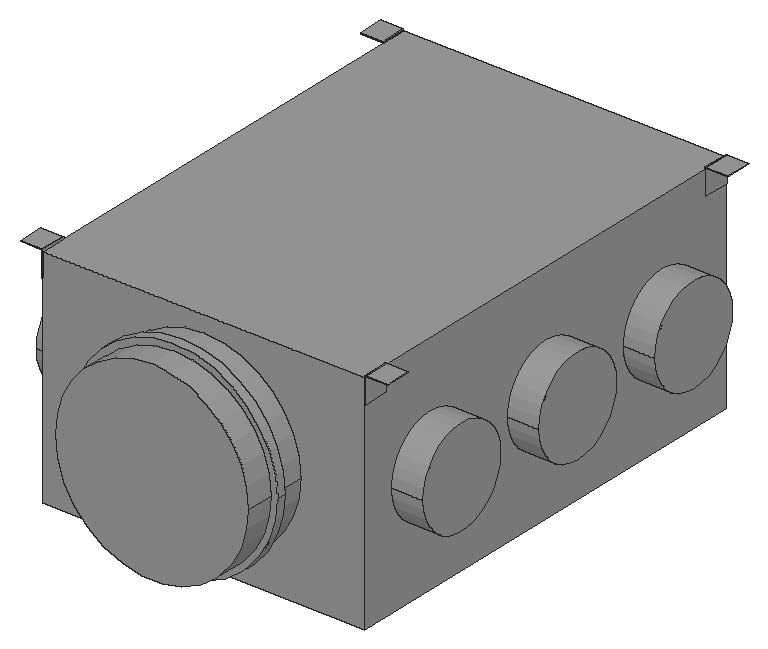
Revit family "FASU(F8-150 300Φ)", category ダクト付属品, Revit 2021
Family settings
  丸型コネクタ寸法 = 直径を使用
  パーツ タイプ = ダンパー
  OmniClass 番号 = 23.75.00.00
  OmniClass タイトル = Climate Control (HVAC)
  作業面ベース = いいえ
  常に垂直 = はい
  ロード時にボイドで切り取り = いいえ
  共有 = いいえ
Parameters
  高さ = 350 mm
  風量 = 0.0 L/s
  符号 = "FASU"
  形式 = "F8-150 300φ"
  幅 [instance] = 500 mm
  奥行き = 700 mm
  大きさ = 250 mm
  呼称 = "FASUチャンバー"
  付属品_下端レベル [instance] = 0 mm
  マテリアル [instance] = 既定値
  ダクト_イン = 300 mm
  ダクト_アウト = 150 mm
  既定の高さ = 0 mm
Reference planes
  plane 1 "中心(正面/背面)": y = 0
  plane 2: z = 0
  plane 3 "中心(左/右)": x = 0
  plane 4: x = -250
  plane 5: x = 250
  plane 6: y = -700
  plane 7: z = 350
  plane 8: z = 175
  plane 9: z = 266.963
  plane 10: z = 86.159
  plane 11: x = -251
  plane 12: z = 313.122
  plane 13: z = 352.122
  plane 14: y = -350
Forms (mm)
  Extrusion 1, solid, material "既定値" <- "マテリアル"
    sketch origin (0, 0, 0) x (1, 0, 0) y (0, 1, 0)
      loop
        line (-250, 0) -> (-250, -700) -> (250, -700) -> (250, 0) -> (-250, 0)
    from 0 to 350
  Extrusion 2, solid, material "既定値" <- "マテリアル"
    sketch origin (0, -30, 0) x (1, 0, 0) y (0, 1, 0)
      loop
        line (-250, 30) -> (-251, 30) -> (-251, -10) -> (-250, -10) -> (-250, 30)
    from 313.122 to 350
  Extrusion 3, solid, material "既定値" <- "マテリアル"
    sketch origin (0, -30, 0) x (1, 0, 0) y (0, 1, 0)
      loop
        line (-285, 30) -> (-285, -10) -> (-251, -10) -> (-251, 30) -> (-285, 30)
    from 352.122 to 350
  Extrusion 4, solid, material "既定値" <- "マテリアル"
    sketch origin (0, -30, 0) x (-1, 0, 0) y (0, -1, 0)
      loop
        line (-250, -30) -> (-250, 10) -> (-251, 10) -> (-251, -30) -> (-250, -30)
    from 313.122 to 353.122
  Extrusion 5, solid, material "既定値" <- "マテリアル"
    sketch origin (0, -30, 0) x (-1, 0, 0) y (0, -1, 0)
      loop
        line (-285, -30) -> (-251, -30) -> (-251, 10) -> (-285, 10) -> (-285, -30)
    from 352.122 to 353.122
  Extrusion 6, solid, material "既定値" <- "マテリアル"
    sketch origin (0, -490, 0) x (1, 0, 0) y (0, 1, 0)
      loop
        line (-285, -170) -> (-285, -210) -> (-251, -210) -> (-251, -170) -> (-285, -170)
    from 352.122 to 353.122
  Extrusion 7, solid, material "既定値" <- "マテリアル"
    sketch origin (0, -490, 0) x (1, 0, 0) y (0, 1, 0)
      loop
        line (-250, -170) -> (-251, -170) -> (-251, -210) -> (-250, -210) -> (-250, -170)
    from 313.122 to 353.122
  Extrusion 8, solid, material "既定値" <- "マテリアル"
    sketch origin (0, -490, 0) x (-1, 0, 0) y (0, -1, 0)
      loop
        line (-285, 170) -> (-251, 170) -> (-251, 210) -> (-285, 210) -> (-285, 170)
    from 352.122 to 353.122
  Extrusion 9, solid, material "既定値" <- "マテリアル"
    sketch origin (0, -490, 0) x (-1, 0, 0) y (0, -1, 0)
      loop
        line (-250, 170) -> (-250, 210) -> (-251, 210) -> (-251, 170) -> (-250, 170)
    from 313.122 to 353.122
  Extrusion 10, solid, material "既定値" <- "マテリアル"
    sketch origin (550, -582.5, 0) x (0, -1, 0) y (0, 0, -1)
      loop
        circle (-232.5, -175) r 74.985
    from -300 to -250
  Extrusion 11, solid, material "既定値" <- "マテリアル"
    sketch origin (-550, -582.5, 0) x (0, -1, 0) y (0, 0, 1)
      loop
        circle (-232.5, 175) r 74.985
    from -300 to -250
  Extrusion 12, solid, material "既定値" <- "マテリアル"
    sketch origin (0, -700, 0) x (1, 0, 0) y (0, 0, 1)
      loop
        circle (0, 175) r 150
    from 0 to 42.5
  Extrusion 13, solid, material "既定値" <- "マテリアル"
    sketch origin (0, -743, 0) x (1, 0, 0) y (0, 0, 1)
      loop
        circle (0, 175) r 160
    from -0.5 to 14.5
  Extrusion 14, solid, material "既定値" <- "マテリアル"
    sketch origin (0, -757.5, 0) x (1, 0, 0) y (0, 0, 1)
      loop
        circle (0, 175) r 150
    from 0 to 42.5
  Extrusion 15, solid, material "既定値" <- "マテリアル"
    sketch origin (550, -357.5, 0) x (0, -1, 0) y (0, 0, -1)
      loop
        circle (-232.5, -175) r 74.985
    from -300 to -250
  Extrusion 16, solid, material "既定値" <- "マテリアル"
    sketch origin (-550, -357.5, 0) x (0, -1, 0) y (0, 0, 1)
      loop
        circle (-232.5, 175) r 74.985
    from -300 to -250
  Extrusion 17, solid, material "既定値" <- "マテリアル"
    sketch origin (550, -142.5, 0) x (0, 1, 0) y (0, 0, 1)
      loop
        circle (-432.5, 175) r 74.985
    from -300 to -250
  Extrusion 18, solid, material "既定値" <- "マテリアル"
    sketch origin (0, -142.5, 0) x (0, 1, 0) y (0, 0, 1)
      loop
        circle (-432.5, 175) r 74.985
    from -300 to -250
  Extrusion 19, solid, material "既定値" <- "マテリアル"
    sketch origin (345.5, 300, 0) x (1, 0, 0) y (0, 0, -1)
      loop
        circle (-232.5, -175) r 74.985
    from -300 to -250
  Extrusion 20, solid, material "既定値" <- "マテリアル"
    sketch origin (-345.5, 300, 0) x (-1, 0, 0) y (0, 0, 1)
      loop
        circle (-232.5, 175) r 74.985
    from -300 to -250
Lines and regions (mm)
  model lines
    curve 1: line (-250, -30, 0) -> (250, -30, 0)
    curve 2: line (-250, -670, 0) -> (250, -670, 0)
Text (mm)
  text "FASU(F8-150 300Φ)" at (3.713, -630.412, 0), in view "参照レベル"
Dimensions and locks
  equal spacing: plane 4, plane 3 "中心(左/右)", plane 5
  "幅": plane 4 to plane 5
  "奥行き": plane 6 to plane 1 "中心(正面/背面)"
  "高さ": plane 7 to level
  equal spacing: plane 7, plane 8, level
  equal spacing: plane 6, plane 14, plane 1 "中心(正面/背面)"
  aligned and locked: level to plane 2
  aligned and locked: Extrusion 1 sketch curve to plane 5
  aligned and locked: plane 7 to Extrusion 1
  aligned and locked: Extrusion 2 sketch curve to Extrusion 1
  aligned and locked: plane 7 to Extrusion 2
  aligned and locked: Extrusion 3 sketch curve to Extrusion 2
  aligned and locked: Extrusion 2 to Extrusion 3 sketch curve
  aligned and locked: plane 7 to Extrusion 3
  aligned and locked: Extrusion 3 to plane 13
  aligned and locked: Extrusion 4 to Extrusion 5 sketch curve
  aligned and locked: Extrusion 5 sketch curve to Extrusion 4
  aligned and locked: Extrusion 1 to Extrusion 8
  aligned and locked: Extrusion 6 to Extrusion 1
  aligned and locked: Extrusion 7 to Extrusion 1
  aligned and locked: Extrusion 1 to Extrusion 9
  aligned and locked: Extrusion 9 to Extrusion 8
  aligned and locked: Extrusion 7 to Extrusion 6
  aligned and locked: plane 4 to Extrusion 7
  aligned and locked: Extrusion 9 to plane 5
  aligned and locked: plane 4 to curve 1
  aligned and locked: plane 5 to curve 1
  aligned and locked: plane 5 to curve 2
  aligned and locked: Extrusion 1 to Extrusion 3
  aligned and locked: Extrusion 5 to Extrusion 1
  aligned and locked: Extrusion 4 to plane 5
  aligned and locked: Extrusion 1 to plane 6
  aligned and locked: Extrusion 1 to plane 1 "中心(正面/背面)"
  aligned and locked: plane 6 to Extrusion 12
  aligned and locked: Extrusion 15 to plane 5
  aligned and locked: plane 4 to Extrusion 16
  aligned and locked: Extrusion 17 to plane 5
  aligned and locked: plane 4 to Extrusion 18
  aligned and locked: plane 1 "中心(正面/背面)" to Extrusion 19
  aligned and locked: plane 1 "中心(正面/背面)" to Extrusion 20
Automatic sketch dimensions
  curve 2 to plane 4 = 0 mm
  plane 6 to curve 2 = 30 mm
  plane 1 "中心(正面/背面)" to curve 1 = 30 mm
  Extrusion 1 sketch curve to plane 4 = 0 mm
  Extrusion 1 sketch curve to plane 6 = 0 mm
  plane 1 "中心(正面/背面)" to Extrusion 1 sketch curve = 0 mm
  plane 1 "中心(正面/背面)" to Extrusion 2 sketch curve = 0 mm
  Extrusion 2 sketch curve to plane 11 = 0 mm
  Extrusion 2 sketch curve to Extrusion 2 sketch curve = 40 mm
  plane 1 "中心(正面/背面)" to Extrusion 3 sketch curve = 0 mm
  Extrusion 3 sketch curve to Extrusion 3 sketch curve = 34 mm
  plane 1 "中心(正面/背面)" to Extrusion 4 sketch curve = 0 mm
  Extrusion 4 sketch curve to plane 5 = 0 mm
  Extrusion 4 sketch curve to Extrusion 4 sketch curve = 1 mm
  Extrusion 4 sketch curve to Extrusion 4 sketch curve = 40 mm
  plane 1 "中心(正面/背面)" to Extrusion 5 sketch curve = 0 mm
  Extrusion 5 sketch curve to Extrusion 5 sketch curve = 34 mm
  Extrusion 6 sketch curve to plane 6 = 0 mm
  Extrusion 6 sketch curve to plane 11 = 0 mm
  Extrusion 6 sketch curve to plane 11 = 34 mm
  plane 6 to Extrusion 6 sketch curve = 40 mm
  Extrusion 7 sketch curve to plane 11 = 0 mm
  Extrusion 7 sketch curve to plane 4 = 0 mm
  Extrusion 7 sketch curve to plane 6 = 0 mm
  plane 6 to Extrusion 7 sketch curve = 40 mm
  Extrusion 8 sketch curve to plane 6 = 0 mm
  Extrusion 8 sketch curve to plane 5 = 35 mm
  Extrusion 8 sketch curve to plane 5 = 1 mm
  Extrusion 8 sketch curve to Extrusion 8 sketch curve = 40 mm
  Extrusion 9 sketch curve to plane 6 = 0 mm
  Extrusion 9 sketch curve to plane 5 = 0 mm
  Extrusion 9 sketch curve to Extrusion 9 sketch curve = 1 mm
  Extrusion 9 sketch curve to Extrusion 9 sketch curve = 40 mm
  Extrusion 10 sketch curve to plane 8 = 0 mm
  Extrusion 10 sketch curve to plane 14 = 0 mm
  Extrusion 11 sketch curve to plane 8 = 0 mm
  Extrusion 11 sketch curve to plane 14 = 0 mm
  Extrusion 12 sketch curve to plane 3 "中心(左/右)" = 0 mm
  Extrusion 12 sketch curve to plane 8 = 0 mm
  Extrusion 13 sketch curve to plane 3 "中心(左/右)" = 0 mm
  Extrusion 13 sketch curve to plane 8 = 0 mm
  Extrusion 14 sketch curve to plane 3 "中心(左/右)" = 0 mm
  Extrusion 14 sketch curve to plane 8 = 0 mm
  Extrusion 15 sketch curve to plane 8 = 0 mm
  plane 1 "中心(正面/背面)" to Extrusion 15 sketch curve = 125 mm
  Extrusion 16 sketch curve to plane 8 = 0 mm
  plane 1 "中心(正面/背面)" to Extrusion 16 sketch curve = 125 mm
  Extrusion 17 sketch curve to plane 8 = 0 mm
  plane 6 to Extrusion 17 sketch curve = 125 mm
  Extrusion 18 sketch curve to plane 8 = 0 mm
  plane 6 to Extrusion 18 sketch curve = 125 mm
  Extrusion 19 sketch curve to plane 8 = 0 mm
  plane 3 "中心(左/右)" to Extrusion 19 sketch curve = 113 mm
  Extrusion 20 sketch curve to plane 8 = 0 mm
  Extrusion 20 sketch curve to plane 3 "中心(左/右)" = 113 mm
  radius of Extrusion 10 sketch curve = 74.985 mm
  radius of Extrusion 11 sketch curve = 74.985 mm
  radius of Extrusion 12 sketch curve = 150 mm
  radius of Extrusion 13 sketch curve = 160 mm
  radius of Extrusion 14 sketch curve = 150 mm
  radius of Extrusion 15 sketch curve = 74.985 mm
  radius of Extrusion 16 sketch curve = 74.985 mm
  radius of Extrusion 17 sketch curve = 74.985 mm
  radius of Extrusion 18 sketch curve = 74.985 mm
  radius of Extrusion 19 sketch curve = 74.985 mm
  radius of Extrusion 20 sketch curve = 74.985 mm
Connectors
  hvac at (-300, -575, 175), driven by "ダクト_アウト"
    settings: on Extrusion 18, index 1, duct flow 0.0 L/s, flow factor 0, pres drop 0.0 Pa, loss coef 0, conn angle 0.00°, conn width 304.8 mm, conn height 304.8 mm, conn diameter 150 mm, duct sys type 29, conn prof type 0, flow config 0, flow direction 2, loss method 0, conn ref index -1, conn util no, is conn primary yes, conn desc ""
  hvac at (-300, -350, 175), driven by "ダクト_アウト"
    settings: on Extrusion 11, index 2, duct flow 0.0 L/s, flow factor 0, pres drop 0.0 Pa, loss coef 0, conn angle 0.00°, conn width 304.8 mm, conn height 304.8 mm, conn diameter 150 mm, duct sys type 29, conn prof type 0, flow config 0, flow direction 2, loss method 0, conn ref index -1, conn util no, is conn primary no, conn desc ""
  hvac at (-300, -125, 175), driven by "ダクト_アウト"
    settings: on Extrusion 16, index 3, duct flow 0.0 L/s, flow factor 0, pres drop 0.0 Pa, loss coef 0, conn angle 0.00°, conn width 304.8 mm, conn height 304.8 mm, conn diameter 150 mm, duct sys type 29, conn prof type 0, flow config 0, flow direction 2, loss method 0, conn ref index -1, conn util no, is conn primary no, conn desc ""
  hvac at (-113, 50, 175), driven by "ダクト_アウト"
    settings: on Extrusion 20, index 4, duct flow 0.0 L/s, flow factor 0, pres drop 0.0 Pa, loss coef 0, conn angle 0.00°, conn width 304.8 mm, conn height 304.8 mm, conn diameter 150 mm, duct sys type 29, conn prof type 0, flow config 0, flow direction 2, loss method 0, conn ref index -1, conn util no, is conn primary no, conn desc ""
  hvac at (113, 50, 175), driven by "ダクト_アウト"
    settings: on Extrusion 19, index 5, duct flow 0.0 L/s, flow factor 0, pres drop 0.0 Pa, loss coef 0, conn angle 0.00°, conn width 304.8 mm, conn height 304.8 mm, conn diameter 150 mm, duct sys type 29, conn prof type 0, flow config 0, flow direction 2, loss method 0, conn ref index -1, conn util no, is conn primary no, conn desc ""
  hvac at (300, -125, 175), driven by "ダクト_アウト"
    settings: on Extrusion 15, index 6, duct flow 0.0 L/s, flow factor 0, pres drop 0.0 Pa, loss coef 0, conn angle 0.00°, conn width 304.8 mm, conn height 304.8 mm, conn diameter 150 mm, duct sys type 29, conn prof type 0, flow config 0, flow direction 2, loss method 0, conn ref index -1, conn util no, is conn primary no, conn desc ""
  hvac at (300, -350, 175), driven by "ダクト_アウト"
    settings: on Extrusion 10, index 7, duct flow 0.0 L/s, flow factor 0, pres drop 0.0 Pa, loss coef 0, conn angle 0.00°, conn width 304.8 mm, conn height 304.8 mm, conn diameter 150 mm, duct sys type 29, conn prof type 0, flow config 0, flow direction 2, loss method 0, conn ref index -1, conn util no, is conn primary no, conn desc ""
  hvac at (300, -575, 175), driven by "ダクト_アウト"
    settings: on Extrusion 17, index 8, duct flow 0.0 L/s, flow factor 0, pres drop 0.0 Pa, loss coef 0, conn angle 0.00°, conn width 304.8 mm, conn height 304.8 mm, conn diameter 150 mm, duct sys type 29, conn prof type 0, flow config 0, flow direction 2, loss method 0, conn ref index -1, conn util no, is conn primary no, conn desc ""
  hvac at (0, -800, 175), driven by "ダクト_イン"
    settings: on Extrusion 14, index 9, duct flow 0.0 L/s, flow factor 0, pres drop 0.0 Pa, loss coef 0, conn angle 0.00°, conn width 304.8 mm, conn height 304.8 mm, conn diameter 300 mm, duct sys type 29, conn prof type 0, flow config 0, flow direction 1, loss method 0, conn ref index -1, conn util no, is conn primary no, conn desc ""
